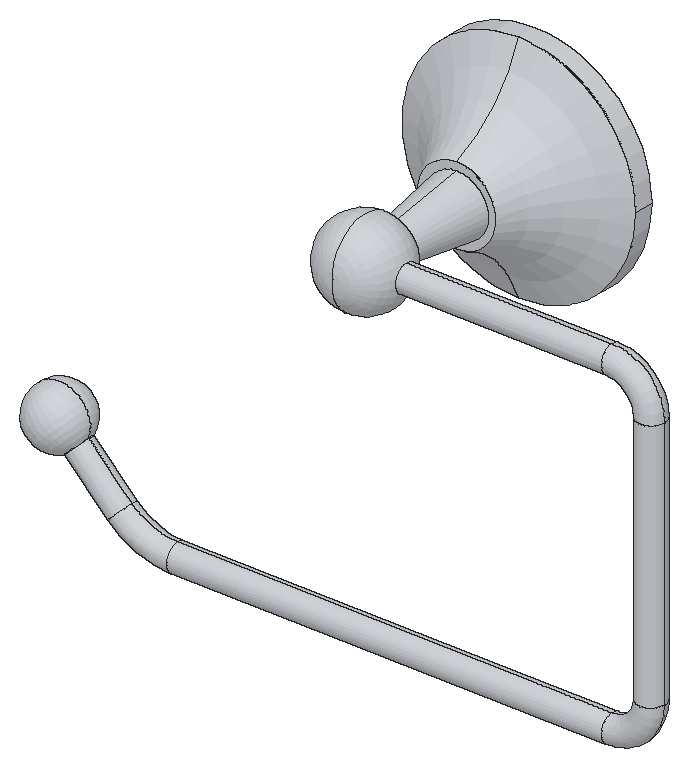
Revit family "Tissue_Holder", category Generic Models, host Face, Revit 2012
Parameters
  Lenght = 147 mm
  Height = 115 mm
  Finish = none
  Depth = 45 mm
  Default Elevation = 650 mm
Reference planes
  plane 1 "Center (Front/Back)": y = 0
  plane 2: z = 0
  plane 3 "Center (Left/Right)": x = 0
  plane 4: z = 650
  plane 5: x = 73.5
  plane 6: x = -73.5
  plane 7: z = 565
  plane 8: z = 680
  plane 9: y = -45
  plane 10: y = -54.5
Forms (mm)
  Extrusion 1, solid, material <- "Finish"
    sketch origin (0, 0, 0) x (1, 0, 0) y (0, 0, 1)
      loop
        circle (0, 650) r 30
    from 0 to 5
  SweptBlend 2, solid, material <- "Finish"
    path origin (0, 0, 0) x (0, 1, 0) y (0, 0, 1)
      loop
        line (-5, 650) -> (-25, 650)
    profile origin (0, -5, 650) x (0, 0, -1) y (1, 0, 0)
      loop
        circle (0, 0) r 30
    end profile origin (0, -25, 650) x (0, 0, -1) y (1, 0, 0)
      loop
        circle (0, 0) r 10
  Revolve 3, void
    sketch origin (0, 0, 0) x (0, 1, 0) y (0, 0, 1)
      loop
        line (-3.789, 683.738) -> (-28.738, 658.789)
        arc (-28.738, 658.789) -> (-12.89, 667.89) -> (-3.789, 683.738) r 35
      axis (-3.789, 650) -> (-28.738, 650)
    angle from 0 to 360
  SweptBlend 4, solid, material <- "Finish"
    path origin (0, 0, 0) x (0, 1, 0) y (0, 0, 1)
      loop
        line (-25, 650) -> (-45, 650)
    profile origin (0, -25, 650) x (0, 0, -1) y (1, 0, 0)
      loop
        circle (0, 0) r 8
    end profile origin (0, -45, 650) x (0, 0, -1) y (1, 0, 0)
      loop
        circle (0, 0) r 5
  Revolve 5, solid, material <- "Finish"
    sketch origin (0, 0, 0) x (0, 1, 0) y (0, 0, 1)
      loop
        line (-45, 650) -> (-45, 655)
        arc (-45, 655) -> (-57.062, 660.746) -> (-65, 650) r 10.5
        line (-65, 650) -> (-45, 650)
      axis (-45, 650) -> (-65, 650)
    angle from 0 to 360
  Sweep 6, solid, material <- "Finish"
    path origin (0, -54.5, 691.118) x (0, 0, 1) y (1, 0, 0)
      loop
        line (-41.118, 0) -> (-41.118, 63.5)
        arc (-41.118, 63.5) -> (-44.047, 70.571) -> (-51.118, 73.5) r 10
        line (-51.118, 73.5) -> (-116.118, 73.5)
        arc (-116.118, 73.5) -> (-123.189, 70.571) -> (-126.118, 63.5) r 10
        line (-126.118, 63.5) -> (-126.118, -48.216)
        arc (-126.118, -48.216) -> (-124.596, -55.869) -> (-120.26, -62.358) r 20
        line (-120.26, -62.358) -> (-109.118, -73.5)
    profile origin (31.75, -54.5, 650) x (0, 0, -1) y (0, 1, 0)
      loop
        circle (0, 0) r 3.5
  Revolve 7, solid, material <- "Finish"
    sketch origin (0, -54.5, 691.118) x (0, 0, 1) y (1, 0, 0)
      loop
        line (-106.643, -71.025) -> (-109.118, -73.5) -> (-98.512, -84.107)
        arc (-98.512, -84.107) -> (-97.355, -74.319) -> (-106.643, -71.025) r 7.897
      axis (-109.118, -73.5) -> (-98.512, -84.107)
    angle from 0 to 360
Cuts and joins
  Revolve 3 cuts SweptBlend 2
  joined: Extrusion 1, SweptBlend 2
  joined: Revolve 5, Sweep 6
Dimensions and locks
  "Default Elevation": plane 4 to plane 2
  equal spacing: plane 5, plane 3 "Center (Left/Right)", plane 6
  "Lenght": plane 5 to plane 6
  locked: plane 8 to plane 4 at 30
  "Height": plane 8 to plane 7
  "Depth": plane 9 to plane 1 "Center (Front/Back)"
  plane 10 to plane 9 = 9.5 mm
  aligned and locked: plane 2 to host face
  aligned and locked: level to host face
Automatic sketch dimensions
  host sketch curve to host sketch curve = 438.4 mm  (x2)
  Extrusion 1 sketch curve to plane 3 "Center (Left/Right)" = 0 mm
  Extrusion 1 sketch curve to plane 4 = 0 mm
  SweptBlend 2 sketch curve to plane 4 = 0 mm
  plane 1 "Center (Front/Back)" to SweptBlend 2 sketch curve = 25 mm
  plane 1 "Center (Front/Back)" to SweptBlend 2 sketch curve = 5 mm
  SweptBlend 2 sketch curve to plane 3 "Center (Left/Right)" = 0 mm  (x2)
  SweptBlend 2 sketch curve to profile plane = 0 mm  (x2)
  Revolve 3 sketch curve to plane 4 = 0 mm
  plane 8 to Revolve 3 sketch curve = 3.738 mm
  plane 8 to Revolve 3 sketch curve = 12.638 mm
  plane 1 "Center (Front/Back)" to Revolve 3 sketch curve = 37.638 mm
  plane 1 "Center (Front/Back)" to Revolve 3 sketch curve = 25 mm
  plane 4 to Revolve 3 sketch curve = 8.789 mm
  Revolve 3 sketch curve to Revolve 3 sketch curve = 3.738 mm
  plane 1 "Center (Front/Back)" to Revolve 3 sketch curve = 5 mm
  SweptBlend 4 sketch curve to plane 4 = 0 mm
  SweptBlend 4 sketch curve to plane 9 = 0 mm
  SweptBlend 4 sketch curve to SweptBlend 4 sketch curve = 20 mm
  SweptBlend 4 sketch curve to plane 3 "Center (Left/Right)" = 0 mm  (x2)
  SweptBlend 4 sketch curve to profile plane = 0 mm  (x2)
  Revolve 5 sketch curve to plane 4 = 0 mm  (x2)
  Revolve 5 sketch curve to plane 9 = 0 mm  (x2)
  plane 4 to Revolve 5 sketch curve = 0.56 mm
  Revolve 5 sketch curve to Revolve 5 sketch curve = 10.485 mm
  Revolve 5 sketch curve to Revolve 5 sketch curve = 0 mm
  Revolve 5 sketch curve to plane 9 = 9.515 mm
  Sweep 6 sketch curve to plane 7 = 0 mm
  Sweep 6 sketch curve to plane 6 = 0 mm
  Sweep 6 sketch curve to plane 5 = 0 mm
  Sweep 6 sketch curve to plane 4 = 0 mm
  Sweep 6 sketch curve to plane 3 "Center (Left/Right)" = 0 mm
  plane 7 to Sweep 6 sketch curve = 5.858 mm
  Sweep 6 sketch curve to Sweep 6 sketch curve = 11.142 mm
  plane 7 to Sweep 6 sketch curve = 10 mm
  plane 7 to Sweep 6 sketch curve = 20 mm
  Sweep 6 sketch curve to plane 4 = 10 mm
  plane 6 to Sweep 6 sketch curve = 11.142 mm
  Sweep 6 sketch curve to plane 10 = 0 mm
  Sweep 6 sketch curve to profile plane = 0 mm
  Revolve 7 sketch curve to plane 6 = 0 mm  (x2)
  plane 7 to Revolve 7 sketch curve = 17 mm
  Revolve 7 sketch curve to Revolve 7 sketch curve = 0 mm  (x2)
  Revolve 7 sketch curve to Revolve 7 sketch curve = 2.475 mm
  plane 6 to Revolve 7 sketch curve = 2.475 mm
  Revolve 7 sketch curve to Revolve 7 sketch curve = 5.056 mm
  Revolve 7 sketch curve to plane 6 = 10.607 mm
  Revolve 7 sketch curve to plane 6 = 4.989 mm
  radius of Extrusion 1 sketch curve = 30 mm
  radius of SweptBlend 2 sketch curve = 30 mm
  radius of SweptBlend 2 sketch curve = 10 mm
  radius of SweptBlend 4 sketch curve = 8 mm
  radius of SweptBlend 4 sketch curve = 5 mm
  radius of Sweep 6 sketch curve = 3.5 mm
